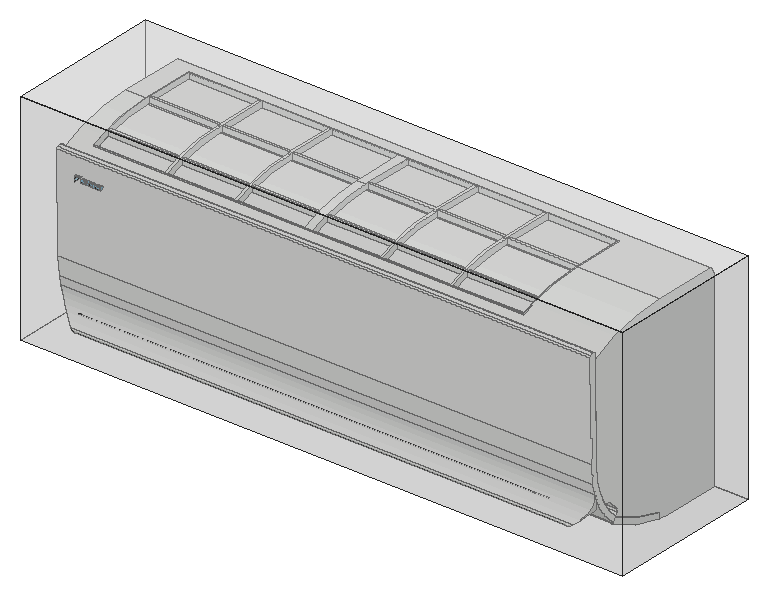
Revit family "outputfile", category 機械設備, Revit 2024
Family settings
  丸型コネクタ寸法 = 半径を使用
  パーツ タイプ = 標準
  OmniClass 番号 = 23.75.10.24.21.27.27
  OmniClass タイトル = Split System Air Conditioning Units
  作業面ベース = いいえ
  常に垂直 = はい
  ロード時にボイドで切り取り = いいえ
  注釈の向きを維持 = いいえ
  共有 = いいえ
  部屋計算ポイント = いいえ
Parameters (values of type "FTKQ12XV2S")
  Description = ""
  製造元 = "Daikin"
  書き出し IFC クラス(タイプ) = "IfcUnitaryEquipmentType"
  定義済み IFC タイプ(タイプ) = "AIRCONDITIONINGUNIT"
  Cost = 0
  モデル = "FTKQ12XV2S"
  Type Comments = ""
  Keynote = ""
  Type Image = (empty or 0)
  Assembly Code = ""
  switch_frequency = yes
  r_Liquid Pipe Size = Liquid Pipe Size / 2  # 3.2 mm
  r_Gas Pipe Size = Gas Pipe Size / 2  # 4.75 mm
  r_Drain Pipe Size = Drain Pipe Size / 2  # 8.0 mm
  lw_powersupply [instance] = if(or(Right Connection_refrigerant, Left Connection_refrigerant), 348.0 mm, if(or(Rear Right Connection_refrigerant, Bottom Right Connection_refrigerant), 30.0 mm, 740.0 mm))  # 348.0 mm
  lw_liquidpipe [instance] = if(or(Right Connection_refrigerant, Left Connection_refrigerant), 433.0 mm, if(or(Rear Right Connection_refrigerant, Bottom Right Connection_refrigerant), 40.0 mm, 730.0 mm))  # 433.0 mm
  lw_gaspipe [instance] = if(or(Right Connection_refrigerant, Left Connection_refrigerant), 393.0 mm, if(or(Rear Right Connection_refrigerant, Bottom Right Connection_refrigerant), 55.0 mm, 715.0 mm))  # 393.0 mm
  lw_drainpipe [instance] = if(or(Right Connection_refrigerant, Left Connection_refrigerant), 488.0 mm, if(or(Rear Right Connection_refrigerant, Bottom Right Connection_refrigerant), 55.0 mm, 715.0 mm))  # 488.0 mm
  l_powersupply_length [instance] = if(Right Connection_refrigerant, 348.0 mm, if(Left Connection_refrigerant, 422.0 mm, if(or(Rear Left Connection_refrigerant, Rear Right Connection_refrigerant), 20.0 mm, 50.0 mm)))  # 348.0 mm
  l_liquidpipe_length [instance] = if(Right Connection_refrigerant, 433.0 mm, if(Left Connection_refrigerant, 337.0 mm, if(or(Rear Left Connection_refrigerant, Rear Right Connection_refrigerant), 40.0 mm, 35.0 mm)))  # 433.0 mm
  l_gaspipe_length [instance] = if(Right Connection_refrigerant, 393.0 mm, if(Left Connection_refrigerant, 377.0 mm, if(or(Rear Left Connection_refrigerant, Rear Right Connection_refrigerant), 40.0 mm, 50.0 mm)))  # 393.0 mm
  l_drainpipe_length [instance] = if(Right Connection_refrigerant, 488.0 mm, if(Left Connection_refrigerant, 282.0 mm, if(or(Rear Left Connection_refrigerant, Rear Right Connection_refrigerant), 20.0 mm, 25.0 mm)))  # 488.0 mm
  h*** = 0.0 mm  # constant formula
  connector_voltage = Voltage_50Hz  # 220 V
  connector_powerinput = [Power Input (Cooling)]  # 0.000 kW
  connector_phase = Phase_50Hz  # 1
  angle_vertical [instance] = if(or(Bottom Left Connection_refrigerant, Bottom Right Connection_refrigerant), 0.00°, 90.00°)  # 90.00°
  angle_horizontal [instance] = if(Right Connection_refrigerant, 90.00°, if(Left Connection_refrigerant, -90.00°, if(or(Rear Left Connection_refrigerant, Rear Right Connection_refrigerant), 180.00°, 0.00°)))  # 90.00°
  Width = 770.0 mm
  Voltage_comment_50Hz = "220 - 240"
  Voltage_50Hz = 220 V
  Version = "ver.1.0"
  Unit Type = "Wall Mounted"
  Unit Mass Weight = 8.00 kg
  Unit Designation [instance] = ""
  Uniclass2015Version = "Products v1.30"
  Uniclass2015Title = "Split coil room air conditioning units"
  Uniclass2015Code = "Pr_70_65_03_86"
  URL = ""
  Total Cooling Capacity [instance] = 0.000 kW
  Sound Pressure Level_M speed (dBA) = 33
  Sound Pressure Level_L speed (dBA) = 28
  Sound Pressure Level_H speed (dBA) = 39
  Sound Power Level_H speed (dB) = 0
  Series = "Single Split_Fan Coil Unit"
  Sensible Cooling Capacity [instance] = 0.000 kW
  Refrigerant Type = "R32"
  Power Input (Cooling) = 0.000 kW
  Phase_50Hz = 1
  Option Accessory 3 [instance] = ""
  Option Accessory 2 [instance] = ""
  Option Accessory 1 [instance] = ""
  Nominal Cooling Capacity = 3.600 kW
  Minimum Circuit Amps_50Hz = 0.0 A
  Minimum Airflow = 426.00 m³/h
  Median Airflow = 528.00 m³/h
  Maximum Fuse Amps_50Hz = 0.0 A
  Maximum Airflow = 672.00 m³/h
  Material_Casing = DAIKIN_PureWhite_Casing_indoorunit
  Load Classification = HVAC
  Liquid Pipe Size = 6.4 mm
  Link_Nested Family [instance] = ""
  IfcVersion = ""
  IfcExportType = "AIRCONDITIONINGUNIT"
  IfcExportAs = "IfcUnitaryEquipmentType"
  Height = 285.0 mm
  Heat Exchanger Type = "Cross Fin Coil"
  Gas Pipe Size = 9.5 mm
  Frequency_50Hz = 50 Hz
  Fan Type = "Cross Flow Fan"
  Fan Drive = "Direct Drive"
  FCU Tag No. [instance] = ""
  Drain Pipe Size = 16.0 mm
  Design Supply Airflow [instance] = 0.00 m³/h
  Depth = 226.0 mm
  既定の高さ = 0.0 mm
  Cooling Entering Wet Bulb Temperature [instance] = 0.00 °C
  Cooling Entering Dry Bulb Temperature [instance] = 0.00 °C
  Cooling Ambient Wet Bulb Temperature [instance] = 0.00 °C
  Cooling Ambient Dry Bulb Temperature [instance] = 0.00 °C
  Clearance visibility [instance] = yes
  Clearance Top = 30.0 mm
  Clearance Right = 50.0 mm
  Clearance Rear = 0.0 mm
  Clearance Left = 50.0 mm
  Clearance Front = 0.0 mm
  Clearance Bottom = 0.0 mm
  Bottom Right Connection_refrigerant [instance] = no
  Bottom Left Connection_refrigerant [instance] = no
  Rear Right Connection_refrigerant [instance] = no
  Rear Left Connection_refrigerant [instance] = no
  Right Connection_refrigerant [instance] = yes
  Left Connection_refrigerant [instance] = no
Reference planes
  plane 1 "Back": y = 0
  plane 2: z = 0
  plane 3 "Center (Left/Right)": x = 0
  plane 4: y = -133
  plane 5: y = -266
  plane 6 "Left": x = -385
  plane 7 "Right": x = 385
  plane 8 "Top": z = 0
  plane 9: y = 0
  plane 10: z = -285
  plane 11 "Clearance Front": y = -226
  plane 12 "Bottom": z = -285
  plane 13: z = -285
  plane 14: z = 30
  plane 15 "Front": y = -226
  plane 16 "Clearance Rear": y = 0
  plane 17: x = -8
  plane 18: x = -48
  plane 19: x = -103
  plane 20: y = -40
  plane 21: y = -20
  plane 22: x = 37
  plane 23: x = -435
  plane 24: x = 435
  plane 25: x = 337
Forms (mm)
  Extrusion 1, solid, material "DAIKIN_PureWhite_Casing_indoorunit" <- "Material_Casing", not visible
    sketch origin (-379, 1296.25, 1210) x (0, 1, 0) y (0, 0, 1)
      loop
        line (-1296.25, -1427) -> (-1326.25, -1427)
        arc (-1326.25, -1427) -> (-1340.393, -1432.858) -> (-1346.25, -1447) r 20
        line (-1346.25, -1447) -> (-1346.25, -1467)
        arc (-1346.25, -1467) -> (-1340.393, -1481.142) -> (-1326.25, -1487) r 20
        line (-1326.25, -1487) -> (-1296.25, -1487) -> (-1296.25, -1427)
    from 759 to 764
  Extrusion 2, solid, material "DAIKIN_PureWhite_Casing_indoorunit" <- "Material_Casing"
    sketch origin (-495, 1156.25, 1200) x (0, 1, 0) y (0, 0, 1)
      loop
        line (-1156.25, -1485) -> (-1156.25, -1208.5) -> (-1161.25, -1200) -> (-1254.25, -1200)
        arc (-1254.25, -1200) -> (-1314.413, -1207.347) -> (-1371.039, -1228.956) r 250
        arc (-1371.039, -1228.956) -> (-1370.963, -1294.87) -> (-1368.901, -1360.751) r 2186.827
        arc (-1368.901, -1360.751) -> (-1367.931, -1373.599) -> (-1366.216, -1386.369) r 221.844
        arc (-1366.216, -1386.369) -> (-1361.341, -1405) -> (-1353.083, -1422.397) r 103
        line (-1353.083, -1422.397) -> (-1345.22, -1422.397)
        arc (-1345.22, -1422.397) -> (-1343.826, -1422.741) -> (-1342.751, -1423.693) r 3
        arc (-1342.751, -1423.693) -> (-1337.001, -1431.196) -> (-1330.533, -1438.09) r 95
        arc (-1330.533, -1438.09) -> (-1329.645, -1439.831) -> (-1330.018, -1441.749) r 3
        line (-1330.018, -1441.749) -> (-1332.498, -1446.044)
        arc (-1332.498, -1446.044) -> (-1295.066, -1463.723) -> (-1255.079, -1474.437) r 231
        arc (-1255.079, -1474.437) -> (-1254.485, -1474.778) -> (-1254.25, -1475.422) r 1
        line (-1254.25, -1475.422) -> (-1254.25, -1483.703)
        arc (-1254.25, -1483.703) -> (-1250.776, -1484.245) -> (-1247.294, -1484.736) r 240
        arc (-1247.294, -1484.736) -> (-1245.313, -1484.934) -> (-1243.323, -1485) r 30
        line (-1243.323, -1485) -> (-1156.25, -1485)
    from 110 to 880
  Extrusion 3, solid, material "DAIKIN_PureWhite_Casing_indoorunit" <- "Material_Casing"
    sketch origin (-622.601, -1524, -230) x (-1, 0, 0) y (0, -1, 0)
      loop
        line (-996.615, -1494) -> (-996.615, -1524) -> (-936.615, -1524) -> (-936.615, -1494)
        arc (-936.615, -1494) -> (-942.473, -1479.858) -> (-956.615, -1474) r 20
        line (-956.615, -1474) -> (-976.615, -1474)
        arc (-976.615, -1474) -> (-990.757, -1479.858) -> (-996.615, -1494) r 20
      loop
        arc (-248.601, -1494) -> (-254.459, -1479.858) -> (-268.601, -1474) r 20
        line (-268.601, -1474) -> (-288.601, -1474)
        arc (-288.601, -1474) -> (-302.743, -1479.858) -> (-308.601, -1494) r 20
        line (-308.601, -1494) -> (-308.601, -1524) -> (-248.601, -1524) -> (-248.601, -1494)
    from -55 to -50
  Extrusion 4, solid, material "DAIKIN_PureWhite_Casing_indoorunit" <- "Material_Casing"
    sketch origin (0, 0, 10) x (1, 0, 0) y (0, 0, 1)
      loop
        circle (337, -250.5) r 32.5
      loop
        circle (-337, -250.5) r 32.5
    from 0 to 5
  Extrusion 5, solid, material "DAIKIN_PureWhite_Casing_indoorunit" <- "Material_Casing"
    sketch origin (489, 1296.25, 1210) x (0, 1, 0) y (0, 0, -1)
      loop
        line (-1296.25, 1427) -> (-1296.25, 1487) -> (-1326.25, 1487)
        arc (-1326.25, 1487) -> (-1340.393, 1481.142) -> (-1346.25, 1467) r 20
        line (-1346.25, 1467) -> (-1346.25, 1447)
        arc (-1346.25, 1447) -> (-1340.393, 1432.858) -> (-1326.25, 1427) r 20
        line (-1326.25, 1427) -> (-1296.25, 1427)
    from 869 to 874
  Extrusion 6, solid, material "DAIKIN_PureWhite_Casing_indoorunit" <- "Material_Casing"
    sketch origin (-385, 1156.25, 1200) x (0, 1, 0) y (0, 0, 1)
      loop
        arc (-1374.103, -1387.706) -> (-1361.832, -1423.213) -> (-1338.419, -1452.594) r 111
        arc (-1338.419, -1452.594) -> (-1337.834, -1452.764) -> (-1337.333, -1452.419) r 0.709
        line (-1337.333, -1452.419) -> (-1334.084, -1446.792)
        arc (-1334.084, -1446.792) -> (-1333.962, -1446.14) -> (-1334.274, -1445.556) r 1
        arc (-1334.274, -1445.556) -> (-1355.212, -1418.643) -> (-1366.216, -1386.369) r 103
        arc (-1366.216, -1386.369) -> (-1367.931, -1373.599) -> (-1368.901, -1360.751) r 221.844
        arc (-1368.901, -1360.751) -> (-1370.989, -1293.222) -> (-1370.99, -1225.661) r 2186.827
        arc (-1370.99, -1225.661) -> (-1370.93, -1221.937) -> (-1370.863, -1218.213) r 2192
        arc (-1370.863, -1218.213) -> (-1371.146, -1217.637) -> (-1371.78, -1217.535) r 0.7
        line (-1371.78, -1217.535) -> (-1377.538, -1219.406)
        arc (-1377.538, -1219.406) -> (-1378.425, -1219.99) -> (-1378.887, -1220.946) r 2
        arc (-1378.887, -1220.946) -> (-1379.035, -1290.894) -> (-1376.907, -1360.81) r 2149.92
        arc (-1376.907, -1360.81) -> (-1375.901, -1374.299) -> (-1374.103, -1387.706) r 229.911
    from 0 to 770
  Extrusion 7, solid, material "DAIKIN_PureWhite_Casing_indoorunit" <- "Material_Casing"
    sketch origin (-385, 1156.25, 1200) x (0, 1, 0) y (0, 0, 1)
      loop
        arc (-1336.569, -1454.09) -> (-1297.525, -1472.406) -> (-1255.834, -1483.439) r 240
        arc (-1255.834, -1483.439) -> (-1255.428, -1483.328) -> (-1255.25, -1482.946) r 0.5
        line (-1255.25, -1482.946) -> (-1255.25, -1475.422)
        arc (-1255.25, -1475.422) -> (-1295.171, -1464.749) -> (-1332.564, -1447.164) r 232
        arc (-1332.564, -1447.164) -> (-1332.945, -1447.112) -> (-1333.249, -1447.346) r 0.5
        line (-1333.249, -1447.346) -> (-1336.741, -1453.393)
        arc (-1336.741, -1453.393) -> (-1336.802, -1453.778) -> (-1336.569, -1454.09) r 0.5
    from 0 to 770
  Extrusion 8, solid, material "DAIKIN_PureWhite_Casing_indoorunit" <- "Material_Casing"
    sketch origin (-385, 1156.25, 1200) x (0, 1, 0) y (0, 0, 1)
      loop
        arc (-1371.046, -1401.088) -> (-1370.514, -1423.975) -> (-1381.552, -1444.032) r 44
        arc (-1381.552, -1444.032) -> (-1382.188, -1446.32) -> (-1380.625, -1448.108) r 2.5
        arc (-1380.625, -1448.108) -> (-1367.897, -1451.601) -> (-1354.751, -1452.778) r 74
        line (-1354.751, -1452.778) -> (-1338.211, -1452.778)
        arc (-1338.211, -1452.778) -> (-1358.264, -1429.242) -> (-1371.046, -1401.088) r 111
    from 0 to 770
  Extrusion 9, solid, material "DAIKIN_PureWhite_Casing_indoorunit" <- "Material_Casing"
    sketch origin (-385, 1156.25, 1200) x (0, 1, 0) y (0, 0, 1)
      loop
        line (-1254.32, -1208) -> (-1177.85, -1208) -> (-1177.85, -1200) -> (-1254.25, -1200)
        arc (-1254.25, -1200) -> (-1302.879, -1204.775) -> (-1349.65, -1218.918) r 250
        line (-1349.65, -1218.918) -> (-1349.65, -1227.568)
        arc (-1349.65, -1227.568) -> (-1302.979, -1212.942) -> (-1254.32, -1208) r 242
    from 29.359 to 650.764
  Extrusion 10, void
    sketch origin (-385, 1156.25, 1200) x (0, 1, 0) y (0, 0, 1)
      loop
        line (-1349.65, -1215.676) -> (-1349.65, -1227.568)
        arc (-1349.65, -1227.568) -> (-1302.979, -1212.942) -> (-1254.32, -1208) r 242
        line (-1254.32, -1208) -> (-1177.85, -1208) -> (-1177.85, -1197) -> (-1254.25, -1197)
        arc (-1254.25, -1197) -> (-1302.856, -1201.713) -> (-1349.65, -1215.676) r 253
    from 29.359 to 650.764
  Extrusion 11, void
    sketch origin (-610.615, -1524, -240) x (-1, 0, 0) y (0, -1, 0)
      loop
        line (-255.68, -1501.684) -> (-255.68, -1432.659) -> (-357.948, -1432.659) -> (-357.948, -1501.684) -> (-255.68, -1501.684)
      loop
        line (-361.28, -1501.684) -> (-361.28, -1432.659) -> (-459.048, -1432.659) -> (-459.048, -1501.684) -> (-361.28, -1501.684)
      loop
        line (-255.68, -1429.341) -> (-255.68, -1358.741) -> (-357.948, -1358.741) -> (-357.948, -1429.341) -> (-255.68, -1429.341)
      loop
        line (-255.68, -1356.618) -> (-255.68, -1331.319) -> (-357.948, -1331.319) -> (-357.948, -1356.618) -> (-255.68, -1356.618)
      loop
        line (-361.274, -1429.341) -> (-361.274, -1358.741) -> (-459.048, -1358.741) -> (-459.048, -1429.341) -> (-361.274, -1429.341)
      loop
        line (-361.274, -1356.618) -> (-361.274, -1331.319) -> (-459.048, -1331.319) -> (-459.048, -1356.618) -> (-361.274, -1356.618)
      loop
        line (-462.312, -1501.684) -> (-462.312, -1432.659) -> (-559.622, -1432.659) -> (-559.622, -1501.684) -> (-462.312, -1501.684)
      loop
        line (-462.306, -1429.341) -> (-462.306, -1358.741) -> (-559.622, -1358.741) -> (-559.622, -1429.341) -> (-462.306, -1429.341)
      loop
        line (-462.306, -1356.618) -> (-462.306, -1331.319) -> (-559.622, -1331.319) -> (-559.622, -1356.618) -> (-462.306, -1356.618)
      loop
        line (-571.622, -1501.684) -> (-571.622, -1432.659) -> (-668.931, -1432.659) -> (-668.931, -1501.684) -> (-571.622, -1501.684)
      loop
        line (-672.311, -1501.684) -> (-672.311, -1432.659) -> (-770.079, -1432.659) -> (-770.079, -1501.684) -> (-672.311, -1501.684)
      loop
        line (-571.622, -1429.341) -> (-571.622, -1358.741) -> (-668.925, -1358.741) -> (-668.925, -1429.341) -> (-571.622, -1429.341)
      loop
        line (-571.622, -1356.618) -> (-571.622, -1331.319) -> (-668.925, -1331.319) -> (-668.925, -1356.618) -> (-571.622, -1356.618)
      loop
        line (-672.311, -1429.341) -> (-672.311, -1358.741) -> (-770.079, -1358.741) -> (-770.079, -1429.341) -> (-672.311, -1429.341)
      loop
        line (-672.311, -1356.618) -> (-672.311, -1331.319) -> (-770.079, -1331.319) -> (-770.079, -1356.618) -> (-672.311, -1356.618)
      loop
        line (-773.411, -1501.684) -> (-773.411, -1432.659) -> (-875.679, -1432.659) -> (-875.679, -1501.684) -> (-773.411, -1501.684)
      loop
        line (-773.411, -1429.341) -> (-773.411, -1358.741) -> (-875.679, -1358.741) -> (-875.679, -1429.341) -> (-773.411, -1429.341)
      loop
        line (-773.411, -1356.618) -> (-773.411, -1331.319) -> (-875.679, -1331.319) -> (-875.679, -1356.618) -> (-773.411, -1356.618)
    from 208.902 to 245
  Extrusion 12, void
    sketch origin (-385, 1156.25, 1200) x (0, 1, 0) y (0, 0, 1)
      loop
        arc (-1339.36, -1455.929) -> (-1309.531, -1470.929) -> (-1277.928, -1481.699) r 243
        line (-1277.928, -1481.699) -> (-1275.103, -1471.068)
        arc (-1275.103, -1471.068) -> (-1305.332, -1460.762) -> (-1333.859, -1446.402) r 232
        line (-1333.859, -1446.402) -> (-1339.36, -1455.929)
    from 47 to 652
  Extrusion 13, solid, material "DAIKIN_PureWhite_Casing_indoorunit" <- "Material_Casing"
    sketch origin (-385, 1156.25, 1200) x (0, 1, 0) y (0, 0, 1)
      loop
        arc (-1336.998, -1453.838) -> (-1307.924, -1468.349) -> (-1277.157, -1478.8) r 240
        line (-1277.157, -1478.8) -> (-1275.103, -1471.068)
        arc (-1275.103, -1471.068) -> (-1304.871, -1460.955) -> (-1332.998, -1446.91) r 232
        line (-1332.998, -1446.91) -> (-1336.998, -1453.838)
    from 52.507 to 648.507
  Extrusion 14, void
    sketch origin (0, 0, 0) x (1, 0, 0) y (0, 0, 1)
      loop
        line (-395, -201.088) -> (-395, -259.424) -> (-333.271, -259.424) -> (-333.271, -252.778)
        arc (-333.271, -252.778) -> (-369.835, -237.641) -> (-385, -201.088) r 51.729
        line (-385, -201.088) -> (-395, -201.088)
    from 118.853 to 250
  Extrusion 15, void
    sketch origin (0, 0, 0) x (1, 0, 0) y (0, 0, 1)
      loop
        arc (385, -200.608) -> (369.72, -237.498) -> (332.829, -252.778) r 52.171
        line (332.829, -252.778) -> (332.829, -262.778) -> (392.829, -262.778) -> (392.829, -192.778) -> (385, -192.778) -> (385, -200.608)
    from 140.894 to 250
Cuts and joins
  Extrusion 10 cuts Extrusion 2
  Extrusion 11 cuts Extrusion 9
  Extrusion 12 cuts Extrusion 7
  Extrusion 14, Extrusion 15 cuts Extrusion 8
Lines and regions (mm)
  reference lines
    curve 1: line (-395.5, -222.696, -45.45) -> (-395.5, -222.696, -55.45)
Dimensions and locks
  equal spacing: plane 6 "Left", plane 3 "Center (Left/Right)", plane 7 "Right"
  "Width": plane 6 "Left" to plane 7 "Right"
  level to plane 10 = 285.0 mm
  locked: Extrusion 4 sketch curve to plane 6 "Left" at 48
  locked: plane 7 "Right" to Extrusion 4 sketch curve at 48
  locked: plane 8 "Top" to Extrusion 4 sketch curve at 240.5  (x2)
  locked: plane 6 "Left" to Extrusion 3 sketch curve at 11
  locked: Extrusion 3 sketch curve to Extrusion 3 sketch curve at 60  (x2)
  locked: Extrusion 3 sketch curve to plane 7 "Right" at 10.986
  "Height": plane 8 "Top" to plane 12 "Bottom"
  "Clearance Top": plane 14 to plane 8 "Top"
  "Clearance Bottom": plane 12 "Bottom" to plane 13
  "Depth": plane 15 "Front" to plane 1 "Back"
  "Clearance Front": plane 15 "Front" to plane 11 "Clearance Front"
  "Clearance Rear": plane 16 "Clearance Rear" to plane 1 "Back"
  locked: plane 1 "Back" to plane 20 at 40
  locked: plane 1 "Back" to plane 21 at 20
  "Clearance Left": plane 23 to plane 6 "Left"
  "Clearance Right": plane 7 "Right" to plane 24
  "lw_powersupply": plane 22 to plane 7 "Right"
  locked: plane 25 to plane 7 "Right" at 48
  "lw_gaspipe": plane 17 to plane 7 "Right"
  "lw_liquidpipe": plane 18 to plane 7 "Right"
  "lw_drainpipe": plane 19 to plane 7 "Right"
  aligned and locked: level to plane 2
  aligned and locked: nested 2 to curve 1
  aligned and locked: plane 7 "Right" to Extrusion 1
  aligned and locked: plane 19 to nested 3
  aligned and locked: plane 18 to nested 4
  aligned and locked: plane 22 to nested 5
  aligned and locked: plane 17 to nested 6
  aligned and locked: nested 6 to plane 20
  aligned and locked: nested 4 to plane 20
  aligned and locked: nested 3 to plane 21
  aligned and locked: nested 5 to plane 21
  aligned and locked: nested 1 to plane 16 "Clearance Rear"
  aligned and locked: plane 11 "Clearance Front" to nested 1
  aligned and locked: nested 1 to plane 13
  aligned and locked: nested 1 to plane 14
  aligned and locked: nested 1 to plane 23
  aligned and locked: plane 24 to nested 1
Automatic sketch dimensions
  Extrusion 1 sketch curve to plane 1 "Back" = 0.0 mm
  plane 1 "Back" to Extrusion 1 sketch curve = 30.0 mm  (x2)
  Extrusion 1 sketch curve to Extrusion 1 sketch curve = 20.0 mm  (x2)
  Extrusion 1 sketch curve to level = 277.0 mm
  Extrusion 2 sketch curve to Extrusion 2 sketch curve = 0.0 mm  (x8)
  Extrusion 2 sketch curve to level = 0.0 mm
  Extrusion 2 sketch curve to plane 10 = 0.0 mm
  Extrusion 2 sketch curve to plane 1 "Back" = 0.0 mm
  plane 1 "Back" to Extrusion 2 sketch curve = 5.0 mm
  plane 1 "Back" to Extrusion 2 sketch curve = 59.278 mm
  plane 4 to Extrusion 2 sketch curve = 45.927 mm
  plane 10 to Extrusion 2 sketch curve = 1.297 mm
  Extrusion 2 sketch curve to Extrusion 2 sketch curve = 10.927 mm
  plane 4 to Extrusion 2 sketch curve = 35.0 mm
  Extrusion 2 sketch curve to Extrusion 2 sketch curve = 1.0 mm
  plane 4 to Extrusion 2 sketch curve = 24.681 mm
  Extrusion 2 sketch curve to plane 4 = 40.768 mm
  Extrusion 2 sketch curve to Extrusion 2 sketch curve = 2.48 mm
  Extrusion 2 sketch curve to Extrusion 2 sketch curve = 2.598 mm
  Extrusion 2 sketch curve to Extrusion 2 sketch curve = 12.604 mm
  Extrusion 2 sketch curve to Extrusion 2 sketch curve = 7.862 mm
  Extrusion 2 sketch curve to plane 1 "Back" = 8.955 mm
  Extrusion 2 sketch curve to level = 59.408 mm
  Extrusion 2 sketch curve to Extrusion 2 sketch curve = 1962.872 mm
  Extrusion 2 sketch curve to Extrusion 2 sketch curve = 8.281 mm
  Extrusion 2 sketch curve to Extrusion 2 sketch curve = 20.422 mm
  Extrusion 2 sketch curve to Extrusion 2 sketch curve = 5.0 mm
  plane 10 to Extrusion 2 sketch curve = 38.956 mm
  Extrusion 2 sketch curve to Extrusion 2 sketch curve = 4.295 mm
  Extrusion 2 sketch curve to Extrusion 2 sketch curve = 1.5 mm
  Extrusion 2 sketch curve to Extrusion 2 sketch curve = 14.851 mm
  Extrusion 2 sketch curve to Extrusion 2 sketch curve = 3.0 mm
  Extrusion 2 sketch curve to Extrusion 2 sketch curve = 80.275 mm
  Extrusion 2 sketch curve to Extrusion 2 sketch curve = 19.254 mm
  Extrusion 2 sketch curve to level = 46.847 mm
  Extrusion 2 sketch curve to level = 8.5 mm
  Extrusion 2 sketch curve to Extrusion 2 sketch curve = 13.133 mm
  plane 1 "Back" to Extrusion 3 sketch curve = 0.0 mm  (x2)
  Extrusion 3 sketch curve to Extrusion 3 sketch curve = 20.0 mm  (x4)
  plane 1 "Back" to Extrusion 3 sketch curve = 30.0 mm  (x2)
  Extrusion 5 sketch curve to plane 1 "Back" = 0.0 mm
  plane 1 "Back" to Extrusion 5 sketch curve = 30.0 mm  (x2)
  Extrusion 5 sketch curve to Extrusion 5 sketch curve = 20.0 mm  (x2)
  Extrusion 5 sketch curve to level = 217.0 mm
  Extrusion 6 sketch curve to Extrusion 6 sketch curve = 0.0 mm  (x5)
  Extrusion 6 sketch curve to level = 19.406 mm
  Extrusion 6 sketch curve to Extrusion 6 sketch curve = 1.349 mm
  Extrusion 6 sketch curve to Extrusion 6 sketch curve = 0.618 mm
  Extrusion 6 sketch curve to level = 17.535 mm
  Extrusion 6 sketch curve to Extrusion 6 sketch curve = 5.759 mm
  Extrusion 6 sketch curve to Extrusion 6 sketch curve = 0.217 mm
  Extrusion 6 sketch curve to plane 4 = 48.697 mm
  Extrusion 6 sketch curve to Extrusion 6 sketch curve = 0.614 mm
  Extrusion 6 sketch curve to Extrusion 6 sketch curve = 2.997 mm
  Extrusion 6 sketch curve to Extrusion 6 sketch curve = 0.866 mm
  plane 4 to Extrusion 6 sketch curve = 24.681 mm
  Extrusion 6 sketch curve to plane 1 "Back" = 8.955 mm
  Extrusion 6 sketch curve to Extrusion 6 sketch curve = 0.067 mm
  Extrusion 6 sketch curve to level = 60.455 mm
  Extrusion 6 sketch curve to Extrusion 6 sketch curve = 44.907 mm
  Extrusion 6 sketch curve to Extrusion 6 sketch curve = 5.173 mm
  Extrusion 6 sketch curve to level = 150.462 mm
  Extrusion 6 sketch curve to Extrusion 6 sketch curve = 0.008 mm
  Extrusion 6 sketch curve to Extrusion 6 sketch curve = 19.254 mm
  Extrusion 6 sketch curve to Extrusion 6 sketch curve = 76.567 mm
  Extrusion 6 sketch curve to Extrusion 6 sketch curve = 0.5 mm
  Extrusion 6 sketch curve to Extrusion 6 sketch curve = 5.772 mm
  Extrusion 6 sketch curve to Extrusion 6 sketch curve = 1.017 mm
  Extrusion 6 sketch curve to Extrusion 6 sketch curve = 0.03 mm
  Extrusion 6 sketch curve to Extrusion 6 sketch curve = 0.665 mm
  plane 5 to Extrusion 6 sketch curve = 45.344 mm
  Extrusion 6 sketch curve to Extrusion 6 sketch curve = 5.93 mm
  Extrusion 6 sketch curve to Extrusion 6 sketch curve = 7.888 mm
  Extrusion 7 sketch curve to plane 4 = 47.49 mm
  Extrusion 7 sketch curve to Extrusion 7 sketch curve = 0.424 mm
  Extrusion 7 sketch curve to Extrusion 7 sketch curve = 3.491 mm
  Extrusion 7 sketch curve to Extrusion 7 sketch curve = 0.433 mm
  plane 4 to Extrusion 7 sketch curve = 33.5 mm
  Extrusion 7 sketch curve to Extrusion 7 sketch curve = 0.5 mm
  plane 1 "Back" to Extrusion 7 sketch curve = 59.278 mm
  Extrusion 7 sketch curve to Extrusion 7 sketch curve = 0.0 mm  (x4)
  Extrusion 7 sketch curve to level = 282.946 mm
  Extrusion 7 sketch curve to Extrusion 7 sketch curve = 7.524 mm
  Extrusion 7 sketch curve to Extrusion 7 sketch curve = 21.764 mm
  Extrusion 7 sketch curve to Extrusion 7 sketch curve = 0.265 mm
  Extrusion 7 sketch curve to Extrusion 7 sketch curve = 6.062 mm
  Extrusion 7 sketch curve to Extrusion 7 sketch curve = 0.25 mm
  Extrusion 7 sketch curve to level = 46.848 mm
  Extrusion 7 sketch curve to Extrusion 7 sketch curve = 0.084 mm
  plane 5 to Extrusion 8 sketch curve = 8.997 mm
  plane 5 to Extrusion 8 sketch curve = 42.5 mm
  Extrusion 8 sketch curve to Extrusion 8 sketch curve = 25.0 mm
  Extrusion 8 sketch curve to Extrusion 8 sketch curve = 16.54 mm
  plane 4 to Extrusion 8 sketch curve = 24.681 mm
  Extrusion 8 sketch curve to level = 252.778 mm
  Extrusion 8 sketch curve to Extrusion 8 sketch curve = 7.013 mm
  Extrusion 8 sketch curve to Extrusion 8 sketch curve = 32.246 mm
  Extrusion 8 sketch curve to Extrusion 8 sketch curve = 34.741 mm
  Extrusion 8 sketch curve to Extrusion 8 sketch curve = 9.054 mm
  Extrusion 8 sketch curve to Extrusion 8 sketch curve = 1.801 mm
  Extrusion 8 sketch curve to Extrusion 8 sketch curve = 0.0 mm  (x2)
  Extrusion 8 sketch curve to Extrusion 8 sketch curve = 16.296 mm
  Extrusion 9 sketch curve to level = 0.0 mm
  Extrusion 9 sketch curve to level = 18.918 mm
  Extrusion 9 sketch curve to plane 4 = 60.4 mm
  Extrusion 9 sketch curve to level = 8.0 mm
  plane 4 to Extrusion 9 sketch curve = 34.93 mm
  Extrusion 9 sketch curve to Extrusion 9 sketch curve = 0.07 mm
  plane 1 "Back" to Extrusion 9 sketch curve = 21.6 mm
  Extrusion 9 sketch curve to Extrusion 9 sketch curve = 0.0 mm
  Extrusion 10 sketch curve to level = 27.568 mm
  Extrusion 10 sketch curve to plane 4 = 60.4 mm
  plane 4 to Extrusion 10 sketch curve = 34.93 mm
  level to Extrusion 10 sketch curve = 3.0 mm
  Extrusion 10 sketch curve to Extrusion 10 sketch curve = 0.07 mm
  plane 1 "Back" to Extrusion 10 sketch curve = 21.6 mm
  Extrusion 10 sketch curve to Extrusion 10 sketch curve = 222.432 mm
  Extrusion 10 sketch curve to Extrusion 10 sketch curve = 0.0 mm
  plane 4 to Extrusion 11 sketch curve = 38.341 mm
  Extrusion 11 sketch curve to plane 7 "Right" = 119.936 mm
  Extrusion 11 sketch curve to Extrusion 11 sketch curve = 0.0 mm  (x22)
  plane 1 "Back" to Extrusion 11 sketch curve = 22.316 mm  (x3)
  Extrusion 11 sketch curve to Extrusion 11 sketch curve = 102.268 mm
  Extrusion 11 sketch curve to Extrusion 11 sketch curve = 3.332 mm  (x3)
  plane 3 "Center (Left/Right)" to Extrusion 11 sketch curve = 61.696 mm  (x2)
  Extrusion 11 sketch curve to Extrusion 11 sketch curve = 3.38 mm
  Extrusion 11 sketch curve to Extrusion 11 sketch curve = 3.386 mm
  Extrusion 11 sketch curve to Extrusion 11 sketch curve = 0.006 mm  (x3)
  Extrusion 11 sketch curve to plane 3 "Center (Left/Right)" = 38.993 mm  (x2)
  Extrusion 11 sketch curve to Extrusion 11 sketch curve = 12.0 mm  (x2)
  plane 4 to Extrusion 11 sketch curve = 41.659 mm  (x3)
  Extrusion 11 sketch curve to Extrusion 11 sketch curve = 97.309 mm
  Extrusion 11 sketch curve to plane 4 = 32.259 mm  (x4)
  Extrusion 11 sketch curve to Extrusion 11 sketch curve = 3.264 mm
  Extrusion 11 sketch curve to Extrusion 11 sketch curve = 3.258 mm  (x2)
  Extrusion 11 sketch curve to Extrusion 11 sketch curve = 97.768 mm
  Extrusion 11 sketch curve to Extrusion 11 sketch curve = 3.326 mm
  plane 6 "Left" to Extrusion 11 sketch curve = 30.066 mm
  Extrusion 11 sketch curve to Extrusion 11 sketch curve = 3.317 mm  (x5)
  Extrusion 11 sketch curve to Extrusion 11 sketch curve = 2.124 mm  (x6)
  Extrusion 11 sketch curve to Extrusion 11 sketch curve = 25.299 mm  (x5)
  plane 4 to Extrusion 12 sketch curve = 11.323 mm
  Extrusion 12 sketch curve to Extrusion 12 sketch curve = 2.825 mm
  Extrusion 12 sketch curve to Extrusion 12 sketch curve = 0.0 mm  (x2)
  Extrusion 12 sketch curve to level = 281.699 mm
  Extrusion 12 sketch curve to Extrusion 12 sketch curve = 10.631 mm
  Extrusion 13 sketch curve to plane 4 = 47.748 mm
  Extrusion 13 sketch curve to Extrusion 13 sketch curve = 4.0 mm
  plane 4 to Extrusion 13 sketch curve = 12.093 mm
  Extrusion 13 sketch curve to Extrusion 13 sketch curve = 2.054 mm
  plane 1 "Back" to Extrusion 13 sketch curve = 59.278 mm
  Extrusion 13 sketch curve to Extrusion 13 sketch curve = 0.0 mm
  Extrusion 13 sketch curve to level = 278.8 mm
  Extrusion 13 sketch curve to Extrusion 13 sketch curve = 7.732 mm
  Extrusion 13 sketch curve to Extrusion 13 sketch curve = 17.23 mm
  Extrusion 13 sketch curve to Extrusion 13 sketch curve = 6.928 mm
  Extrusion 12 sketch curve to plane 4 = 50.109 mm
  plane 1 "Back" to Extrusion 12 sketch curve = 59.278 mm
  Extrusion 12 sketch curve to Extrusion 12 sketch curve = 15.14 mm
  Extrusion 12 sketch curve to Extrusion 12 sketch curve = 5.5 mm
  Extrusion 14 sketch curve to plane 6 "Left" = 10.0 mm
  plane 6 "Left" to Extrusion 14 sketch curve = 0.0 mm
  plane 7 "Right" to Extrusion 15 sketch curve = 7.829 mm
  Extrusion 15 sketch curve to plane 7 "Right" = 0.0 mm
  Extrusion 6 sketch curve to plane 4 = 87.67 mm
  Extrusion 6 sketch curve to Extrusion 6 sketch curve = 1.902 mm
  Extrusion 6 sketch curve to Extrusion 6 sketch curve = 2.804 mm
  plane 6 "Left" to Extrusion 14 sketch curve = 51.729 mm
  Extrusion 14 sketch curve to Extrusion 14 sketch curve = 6.646 mm
  Extrusion 15 sketch curve to Extrusion 15 sketch curve = 10.0 mm
  Extrusion 14 sketch curve to level = 259.424 mm
  Extrusion 14 sketch curve to Extrusion 14 sketch curve = 58.337 mm
  Extrusion 15 sketch curve to plane 7 "Right" = 52.171 mm
  Extrusion 15 sketch curve to level = 262.778 mm
  Extrusion 15 sketch curve to Extrusion 15 sketch curve = 7.829 mm
  plane 5 to curve 1 = 43.304 mm
  curve 1 to level = 55.45 mm
  curve 1 to curve 1 = 10.0 mm
  radius of Extrusion 4 sketch curve = 32.5 mm  (x2)
Nested families
  nested 1: "daikin_clearancespace" at (0, -113, -127.381), show <- "Clearance visibility", visible <- "Clearance visibility", Link_Nested Family <- "Link_Nested Family", type "daikin_clearancespace"
    with width 870.0 mm, show yes, height 315.0 mm, depth 226.0 mm, Link_Nested Family ""
  nested 2: "daikin_logo_plane_w40" at (-338, -222.696, -45) x (1, 0, 0) z (0, -1, 0), type "daikin_logo_plane_w40"
    with show_logo yes
  nested 3: "daikin_connector_rotate3" at (-103, -20, -260), angle_vertical <- "angle_vertical", angle_horizontal <- "angle_horizontal", length <- "l_drainpipe_length", radius <- "r_Drain Pipe Size", type "daikin_connector_rotate3"
    with show no, radius 8.0 mm, length 488.0 mm, angle_vertical 90.00°, angle_horizontal 90.00°
  nested 4: "daikin_connector_rotate3" at (-48, -40, -250), angle_vertical <- "angle_vertical", angle_horizontal <- "angle_horizontal", length <- "l_liquidpipe_length", radius <- "r_Liquid Pipe Size", type "daikin_connector_rotate3"
    with show no, radius 3.2 mm, length 433.0 mm, angle_vertical 90.00°, angle_horizontal 90.00°
  nested 5: "daikin_connector_rotate3" at (37, -20, -235), angle_vertical <- "angle_vertical", angle_horizontal <- "angle_horizontal", length <- "l_powersupply_length", type "daikin_connector_rotate3"
    with show no, radius 10.0 mm, length 348.0 mm, angle_vertical 90.00°, angle_horizontal 90.00°
  nested 6: "daikin_connector_rotate3" at (-8, -40, -235), angle_vertical <- "angle_vertical", angle_horizontal <- "angle_horizontal", length <- "l_gaspipe_length", radius <- "r_Gas Pipe Size", type "daikin_connector_rotate3"
    with show no, radius 4.75 mm, length 393.0 mm, angle_vertical 90.00°, angle_horizontal 90.00°
Connectors
  electrical at (385, -20, -235), driven by "Load Classification", driven by "connector_voltage", driven by "connector_phase", driven by "connector_powerinput"
    settings: on nested 5, index 1, voltage 220 V, apparent load 0 VA, apparent load phase1 0 VA, apparent load phase2 0 VA, apparent load phase3 0 VA, power factor 1, load classification "HVAC", number of poles 1, system type 30, power factor state 1, is connector primary yes, connector utility no, sub classification motor no, connector description "Power Supply"
  piping at (385, -20, -260), diameter 16, driven by "r_Drain Pipe Size"
    settings: on nested 3, index 2, connector inside diameter 609.6 mm, connector length 0.0 mm, flow factor 0, pipe flow 0.00 m³/h, pressure drop 0.0 Pa, fitting loss kfactor 0, connector angle 0.00°, fixture units 0, engagement length 0.0 mm, angle of deflection 0.00°, flow configuration 1, flow direction 2, fitting loss method 4, system type 16, joint type 0, gender type 0, connector reference index -1, connector utility 0, adjustable connector no, is connector primary yes, connector description "Condensate Drain Piping"
  piping at (385, -40, -235), diameter 9.5, driven by "r_Gas Pipe Size"
    settings: on nested 6, index 3, connector inside diameter 609.6 mm, connector length 0.0 mm, flow factor 0, pipe flow 0.00 m³/h, pressure drop 0.0 Pa, fitting loss kfactor 0, connector angle 0.00°, fixture units 0, engagement length 0.0 mm, angle of deflection 0.00°, flow configuration 1, flow direction 2, fitting loss method 0, system type 29, joint type 0, gender type 0, connector reference index -1, connector utility 0, adjustable connector no, is connector primary no, connector description "Refrigerant Gas Piping"
  piping at (385, -40, -250), diameter 6.4, driven by "r_Liquid Pipe Size"
    settings: on nested 4, index 4, connector inside diameter 609.6 mm, connector length 0.0 mm, flow factor 0, pipe flow 0.00 m³/h, pressure drop 0.0 Pa, fitting loss kfactor 0, connector angle 0.00°, fixture units 0, engagement length 0.0 mm, angle of deflection 0.00°, flow configuration 1, flow direction 1, fitting loss method 0, system type 29, joint type 0, gender type 0, connector reference index -1, connector utility 0, adjustable connector no, is connector primary no, connector description "Refrigerant Liquid Piping"
Definition of nested family "daikin_clearancespace"
  Parameters (values of type "daikin_clearancespace")
    Description = "daikin_clearancespace"
    width [instance] = 1823.963 mm
    show [instance] = yes
    material = none
    height [instance] = 1359.762 mm
    depth [instance] = 880.0 mm
    Default Elevation = 0.0 mm
    Link_Nested Family [instance] = ""
  Reference planes
    plane 1 "Center (Front/Back)": y = 0
    plane 2 "Center (Elevation)": z = -0.119
    plane 3 "Center (Left/Right)": x = 0
    plane 4: y = 440
    plane 5: y = -440
    plane 6 "Right": x = 911.982
    plane 7 "Left": x = -911.982
    plane 8 "Top": z = 679.762
    plane 9 "Bottom": z = -680
  Forms (mm)
    Extrusion 1, solid, material <- "material", visible <- "show"
      sketch origin (0, 0, 0) x (1, 0, 0) y (0, 1, 0)
        loop
          line (-911.982, 440) -> (-911.982, -440) -> (911.982, -440) -> (911.982, 440) -> (-911.982, 440)
      from -680 to 679.762
  Lines and regions (mm)
    symbolic lines, visible <- "show"
      curve 1: line (911.982, 440, 0) -> (-911.982, 440, 0)
      curve 2: line (-911.982, 440, 0) -> (-911.982, -440, 0)
      curve 3: line (-911.982, -440, 0) -> (911.982, -440, 0)
      curve 4: line (911.982, -440, 0) -> (911.982, 440, 0)
      curve 5: line (911.982, 0, 679.762) -> (-911.982, 0, 679.762)
      curve 6: line (911.982, 0, -680) -> (911.982, 0, 679.762)
      curve 7: line (-911.982, 0, -680) -> (911.982, 0, -680)
      curve 8: line (-911.982, 0, 679.762) -> (-911.982, 0, -680)
      curve 9: line (0, 440, 679.762) -> (0, -440, 679.762)
      curve 10: line (0, -440, 679.762) -> (0, -440, -680)
      curve 11: line (0, 440, -680) -> (0, 440, 679.762)
      curve 12: line (0, -440, -680) -> (0, 440, -680)
  Dimensions and locks
    "width": plane 7 "Left" to plane 6 "Right"
    "depth": plane 4 to plane 5
    "height": plane 8 "Top" to plane 9 "Bottom"
    equal spacing: plane 7 "Left", plane 3 "Center (Left/Right)", plane 6 "Right"
    equal spacing: plane 4, plane 1 "Center (Front/Back)", plane 5
    equal spacing: plane 8 "Top", plane 2 "Center (Elevation)", plane 9 "Bottom"
    aligned and locked: level to plane 2 "Center (Elevation)"
    aligned and locked: Extrusion 1 sketch curve to plane 4
    aligned and locked: plane 7 "Left" to Extrusion 1 sketch curve
    aligned and locked: Extrusion 1 sketch curve to plane 5
    aligned and locked: Extrusion 1 sketch curve to plane 6 "Right"
    aligned and locked: plane 8 "Top" to Extrusion 1
    aligned and locked: curve 1 to Extrusion 1
    aligned and locked: curve 2 to Extrusion 1
    aligned and locked: curve 3 to Extrusion 1
    aligned and locked: curve 4 to Extrusion 1
    aligned and locked: curve 5 to Extrusion 1
    aligned and locked: curve 6 to Extrusion 1
    aligned and locked: curve 7 to Extrusion 1
    aligned and locked: curve 8 to Extrusion 1
    aligned and locked: curve 9 to Extrusion 1
    aligned and locked: curve 10 to Extrusion 1
    aligned and locked: curve 11 to Extrusion 1
    aligned and locked: curve 12 to Extrusion 1
    aligned and locked: Extrusion 1 to plane 9 "Bottom"
Definition of nested family "daikin_logo_plane_w40"
  Parameters (values of type "daikin_logo_plane_w40")
    width = 40.0 mm
    show_logo [instance] = yes
    material = none
    height = 0.0 mm
    depth = 0.0 mm
    Default Elevation = 1219.2 mm
  Reference planes
    plane 1 "Center (Front/Back)": y = 0
    plane 2: z = 0
    plane 3 "Center (Left/Right)": x = 0
    plane 4: z = 2
    plane 5 "left": x = -19
    plane 6: x = 19
  Forms (mm)
    Extrusion 1, solid, visible <- "show_logo"
      sketch origin (-19, 0, 0) x (1, 0, 0) y (0, 1, 0)
        loop
          line (8.902, -1.878) -> (7.789, -6.332) -> (11.13, -6.332)
          arc (11.13, -6.332) -> (12.454, -6.064) -> (13.472, -5.176) r 2.642
          arc (13.472, -5.176) -> (13.92, -4.02) -> (13.767, -2.79) r 2.537
          arc (13.767, -2.79) -> (13.452, -2.342) -> (12.982, -2.06) r 1.321
          arc (12.982, -2.06) -> (12.063, -1.902) -> (11.13, -1.878) r 6.479
          line (11.13, -1.878) -> (8.902, -1.878)
        loop
          line (10.016, -5.441) -> (10.907, -5.441)
          arc (10.907, -5.441) -> (11.591, -4.983) -> (11.988, -4.261) r 1.742
          spline (11.988, -4.261) -> (12.01, -4.155) -> (12.027, -4.03) -> (12.037, -3.893) -> (12.037, -3.747) -> (12.026, -3.598) -> (12.002, -3.451) -> (11.962, -3.31) -> (11.905, -3.181) -> (11.829, -3.069) -> (11.731, -2.978) -> (11.61, -2.913) -> (11.464, -2.88)
          line (11.464, -2.88) -> (10.573, -2.88) -> (10.016, -5.441)
        loop
          line (13.58, -6.332) -> (14.805, -6.332) -> (15.223, -5.553) -> (16.977, -5.553) -> (17.144, -6.332) -> (19.149, -6.332) -> (18.258, -1.878) -> (16.03, -1.878) -> (13.58, -6.332)
        loop
          line (16.476, -3.214) -> (15.76, -4.551) -> (16.762, -4.551) -> (16.476, -3.214)
        loop
          line (19.705, -6.332) -> (21.599, -6.332) -> (22.712, -1.878) -> (20.819, -1.878) -> (19.705, -6.332)
        loop
          line (22.712, -6.332) -> (24.606, -6.332) -> (24.908, -5.122) -> (25.831, -6.332) -> (28.17, -6.332) -> (26.388, -3.994) -> (28.949, -1.878) -> (26.945, -1.878) -> (25.401, -3.153) -> (25.719, -1.878) -> (23.826, -1.878) -> (22.712, -6.332)
        loop
          line (29.84, -1.878) -> (28.615, -6.332) -> (30.62, -6.332) -> (31.734, -1.878) -> (29.84, -1.878)
        loop
          line (31.734, -6.332) -> (33.07, -6.332) -> (33.7, -3.814) -> (34.518, -6.332) -> (36.745, -6.332) -> (37.859, -1.878) -> (36.523, -1.878) -> (35.845, -4.589) -> (34.963, -1.878) -> (32.847, -1.878) -> (31.734, -6.332)
      from 0 to 2
    Extrusion 2, solid, visible <- "show_logo"
      sketch origin (-19, 0, 0) x (1, 0, 0) y (0, 1, 0)
        loop
          line (8.7, 0) -> (4.235, 0) -> (0, -3.879) -> (0, -8) -> (8.7, 0)
      from 0 to 2
    Extrusion 3, solid, visible <- "show_logo"
      sketch origin (-19, 0, 0) x (1, 0, 0) y (0, 1, 0)
        loop
          line (0, 0) -> (0, -3.879) -> (4.235, 0) -> (0, 0)
      from 0 to 2
  Dimensions and locks
    plane 4 to plane 2 = 2.0 mm
    equal spacing: plane 5 "left", plane 3 "Center (Left/Right)", plane 6
    locked: plane 5 "left" to plane 6 at 38
    aligned and locked: level to plane 2
    aligned and locked: Extrusion 3 to plane 1 "Center (Front/Back)"  (x2)
    aligned and locked: Extrusion 2 to plane 1 "Center (Front/Back)"  (x2)
    aligned and locked: plane 4 to Extrusion 1
    aligned and locked: plane 4 to Extrusion 3
    aligned and locked: plane 4 to Extrusion 2
    aligned and locked: Extrusion 3 to plane 5 "left"
    aligned and locked: Extrusion 2 to plane 5 "left"
  Automatic sketch dimensions
    Extrusion 1 sketch curve to Extrusion 1 sketch curve = 0.901 mm
    Extrusion 1 sketch curve to Extrusion 1 sketch curve = 1.559 mm
    Extrusion 1 sketch curve to Extrusion 1 sketch curve = 1.327 mm
    Extrusion 1 sketch curve to Extrusion 1 sketch curve = 2.145 mm
    Extrusion 1 sketch curve to Extrusion 1 sketch curve = 1.448 mm
    Extrusion 1 sketch curve to Extrusion 1 sketch curve = 2.116 mm
    Extrusion 1 sketch curve to Extrusion 1 sketch curve = 1.114 mm  (x4)
    Extrusion 1 sketch curve to Extrusion 1 sketch curve = 1.336 mm  (x2)
    plane 1 "Center (Front/Back)" to Extrusion 1 sketch curve = 1.878 mm  (x5)
    Extrusion 1 sketch curve to Extrusion 1 sketch curve = 1.893 mm  (x5)
    Extrusion 1 sketch curve to Extrusion 1 sketch curve = 0.891 mm  (x4)
    Extrusion 1 sketch curve to Extrusion 1 sketch curve = 2.005 mm  (x3)
    Extrusion 1 sketch curve to Extrusion 1 sketch curve = 0.445 mm  (x2)
    plane 1 "Center (Front/Back)" to Extrusion 1 sketch curve = 3.994 mm
    Extrusion 1 sketch curve to Extrusion 1 sketch curve = 0.557 mm  (x2)
    Extrusion 1 sketch curve to Extrusion 1 sketch curve = 2.339 mm  (x2)
    Extrusion 1 sketch curve to Extrusion 1 sketch curve = 1.225 mm  (x3)
    plane 1 "Center (Front/Back)" to Extrusion 1 sketch curve = 3.153 mm
    Extrusion 1 sketch curve to Extrusion 1 sketch curve = 0.987 mm
    plane 1 "Center (Front/Back)" to Extrusion 1 sketch curve = 5.122 mm
    Extrusion 1 sketch curve to Extrusion 1 sketch curve = 0.922 mm
    plane 1 "Center (Front/Back)" to Extrusion 1 sketch curve = 6.332 mm
    Extrusion 1 sketch curve to Extrusion 1 sketch curve = 2.562 mm
    plane 1 "Center (Front/Back)" to Extrusion 1 sketch curve = 5.553 mm
    Extrusion 1 sketch curve to Extrusion 1 sketch curve = 0.167 mm
    Extrusion 1 sketch curve to Extrusion 1 sketch curve = 0.215 mm
    plane 1 "Center (Front/Back)" to Extrusion 1 sketch curve = 3.214 mm
    Extrusion 1 sketch curve to Extrusion 1 sketch curve = 0.286 mm
    plane 1 "Center (Front/Back)" to Extrusion 1 sketch curve = 4.551 mm
    Extrusion 1 sketch curve to Extrusion 1 sketch curve = 1.002 mm
    Extrusion 1 sketch curve to Extrusion 1 sketch curve = 0.537 mm
    Extrusion 1 sketch curve to Extrusion 1 sketch curve = 0.418 mm
    Extrusion 1 sketch curve to Extrusion 1 sketch curve = 1.028 mm
    plane 1 "Center (Front/Back)" to Extrusion 1 sketch curve = 4.261 mm
    Extrusion 1 sketch curve to Extrusion 1 sketch curve = 0.563 mm
    plane 1 "Center (Front/Back)" to Extrusion 1 sketch curve = 2.88 mm
    Extrusion 1 sketch curve to Extrusion 1 sketch curve = 1.088 mm
    Extrusion 1 sketch curve to Extrusion 1 sketch curve = 2.152 mm
    Extrusion 1 sketch curve to Extrusion 1 sketch curve = 0.586 mm
    Extrusion 1 sketch curve to Extrusion 1 sketch curve = 0.118 mm
    Extrusion 1 sketch curve to Extrusion 1 sketch curve = 0.298 mm
    Extrusion 1 sketch curve to Extrusion 1 sketch curve = 0.334 mm
    Extrusion 1 sketch curve to Extrusion 1 sketch curve = 0.223 mm
    Extrusion 1 sketch curve to Extrusion 1 sketch curve = 0.266 mm
    Extrusion 1 sketch curve to Extrusion 1 sketch curve = 1.671 mm
    Extrusion 1 sketch curve to Extrusion 1 sketch curve = 2.227 mm
    Extrusion 1 sketch curve to Extrusion 1 sketch curve = 0.0 mm  (x7)
    Extrusion 1 sketch curve to Extrusion 1 sketch curve = 3.453 mm
    Extrusion 1 sketch curve to Extrusion 1 sketch curve = 2.017 mm
    Extrusion 1 sketch curve to Extrusion 1 sketch curve = 0.78 mm  (x2)
    Extrusion 1 sketch curve to Extrusion 1 sketch curve = 1.743 mm
    Extrusion 1 sketch curve to Extrusion 1 sketch curve = 0.775 mm
    Extrusion 1 sketch curve to Extrusion 1 sketch curve = 0.552 mm
    Extrusion 1 sketch curve to Extrusion 1 sketch curve = 0.014 mm
    Extrusion 1 sketch curve to Extrusion 1 sketch curve = 0.952 mm
    Extrusion 1 sketch curve to Extrusion 1 sketch curve = 1.215 mm
    Extrusion 1 sketch curve to Extrusion 1 sketch curve = 0.108 mm
    plane 1 "Center (Front/Back)" to Extrusion 2 sketch curve = 0.0 mm
    Extrusion 2 sketch curve to plane 3 "Center (Left/Right)" = 19.0 mm
    Extrusion 2 sketch curve to plane 3 "Center (Left/Right)" = 14.765 mm
    Extrusion 2 sketch curve to Extrusion 2 sketch curve = 4.465 mm
    plane 1 "Center (Front/Back)" to Extrusion 2 sketch curve = 3.879 mm
    Extrusion 2 sketch curve to Extrusion 2 sketch curve = 4.12 mm
    plane 1 "Center (Front/Back)" to Extrusion 3 sketch curve = 0.0 mm
    Extrusion 3 sketch curve to plane 3 "Center (Left/Right)" = 19.0 mm
    Extrusion 3 sketch curve to plane 3 "Center (Left/Right)" = 14.765 mm
    plane 1 "Center (Front/Back)" to Extrusion 3 sketch curve = 3.879 mm
    Extrusion 1 sketch curve to plane 3 "Center (Left/Right)" = 11.211 mm
    Extrusion 1 sketch curve to Extrusion 1 sketch curve = 1.782 mm
Definition of nested family "daikin_connector_rotate3"
  Parameters (values of type "daikin_connector_rotate3")
    show [instance] = yes
    radius [instance] = 10.0 mm
    length [instance] = 600.0 mm
    angle_horizontal [instance] = 60.00°
    angle_vertical [instance] = 90.00°
    Default Elevation = 1219.2 mm
  Reference planes
    plane 1 "Center (Front/Back)": y = 0
    plane 2: z = 0
    plane 3 "Center (Left/Right)": x = 0
  Dimensions and locks
    "angle_horizontal": angle plane 3 "Center (Left/Right)" to nested 1
    aligned and locked: level to plane 2
    aligned and locked: plane 1 "Center (Front/Back)" to nested 1  (x2)
    aligned and locked: plane 3 "Center (Left/Right)" to nested 1
  Nested families
    nested 1: "daikin_connector_rotate2" at (0, 0, 0) x (0.5, 0.866, 0) z (0, 0, 1), angle_vertical <- "angle_vertical", length <- "length", radius <- "radius", type "daikin_connector_rotate2"
      with radius 10.0 mm, length 600.0 mm, angle_vertical 90.00°
  Definition of nested family "daikin_connector_rotate2"
    Parameters (values of type "daikin_connector_rotate2")
      show_face = yes
      radius [instance] = 10.0 mm
      length [instance] = 600.0 mm
      d_surface = 10.0 mm
      angle_vertical [instance] = 90.00°
      Default Elevation = 0.0 mm
    Reference planes
      plane 1 "Center (Front/Back)": y = 0
      plane 2: z = 0
      plane 3 "Center (Left/Right)": x = 0
    Forms (mm)
      Extrusion 1, solid, visible <- "show_face"
        sketch origin (0, -600, 0) x (1, 0, 0) y (0, 0, 1)
          loop
            circle (0, 0) r 10
        from 0 to -10
    Lines and regions (mm)
      reference lines
        curve 1: line (0, 0, 0) -> (0, -600, 0)
      symbolic lines
        curve 2: circle (0, 0, 0) r 5 normal (0, 0, 1)
      model lines, visible <- "show_face"
        curve 3: line (0, 0, 0) -> (0, -600, 0)
    Dimensions and locks
      "length": curve 1 to curve 1
      "length": curve 3 to curve 3
      "d_surface": Extrusion 1 to Extrusion 1
      "radius": radius of Extrusion 1 sketch curve
      "angle_vertical": angle curve 1 to plane 1 "Center (Front/Back)"
      "angle_vertical": angle curve 3 to plane 1 "Center (Front/Back)"
      aligned and locked: level to plane 2
      aligned and locked: plane 1 "Center (Front/Back)" to curve 1
      aligned and locked: plane 2 to curve 1
      aligned and locked: plane 1 "Center (Front/Back)" to curve 2
      aligned and locked: plane 3 "Center (Left/Right)" to curve 2
      aligned and locked: plane 1 "Center (Front/Back)" to curve 3
      aligned and locked: plane 2 to curve 3
      aligned and locked: Extrusion 1 to Extrusion 1
    Automatic sketch dimensions
      Extrusion 1 sketch curve to level = 0.0 mm
      Extrusion 1 sketch curve to plane 3 "Center (Left/Right)" = 0.0 mm
      radius of curve 2 = 5.0 mm
